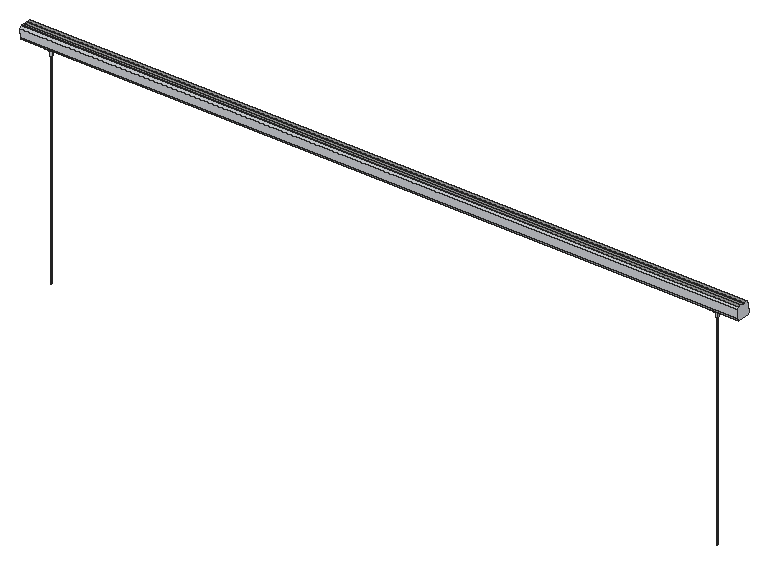
Revit family "0042557 Sylvania Lighting Fixture ISOLINE 3380MM 4K 1-7 MD UGR 1-7BLK DA", category Lighting Fixtures, host Face, Revit 2018
Family settings
  Host = Face
  Round Connector Dimension = Use Diameter
  Part Type = Normal
  OmniClass Number = 23.80.70.00
  OmniClass Title = Lighting
  Cut with Voids When Loaded = No
  Light Source = Yes
  Shared = No
  Room Calculation Point = No
Parameters (values of type "0042557 ISOLINE 3380MM 4K 1.7 MD UGR 1.7BLK DA")
  suspension height = 1000 mm
  spacer height = 5 mm
  spacer centres = 1000 mm
  height = 58.791 mm
  Width = 62 mm
  Weight = "n/a"
  Wattage Comments = ""
  Wattage = 9.2903 W
  WarrantyStartDate [instance] = "n/a"
  WarrantyGuarantorParts = "n/a"
  WarrantyDurationUnit = "n/a"
  WarrantyDurationParts = ""
  WarrantyDescription = "http://www.sylvania-lighting.com"
  built-in parameter 1150110 = 1 (stored number, unit not read)
  Voltage = 0 V
  URL = "0"
  TypeName = "ISOLINE 3380MM 4K 1.7 MD UGR 1.7BLK DA"
  Type Image = <None>
  Type Comments = "n/a"
  built-in parameter 1114217 = 1 (stored number, unit not read)
  Tilt Angle = 90.00°
  built-in parameter 1150109 = 1 (stored number, unit not read)
  built-in parameter 1150134 = 3
  built-in parameter 1150113 = 1 (stored number, unit not read)
  SerialNumber [instance] = "n/a"
  Photometric Web File = "0042557.ies"
  Material_3_FEILO = none
  PowerFactor = 0
  PowerConsumption = "Lighting"
  NominalLength = 62 mm
  NominalHeight = 0 mm
  NominalDepth = 0 mm
  Name = "ISOLINE 3380MM 4K 1.7 MD UGR 1.7BLK DA"
  ModelReference = Name  # "ISOLINE 3380MM 4K 1.7 MD UGR 1.7BLK DA"
  ModelNumber = "0042557"
  Model = Name  # "ISOLINE 3380MM 4K 1.7 MD UGR 1.7BLK DA"
  Material = "Feilo Sylvania"
  ManufacturerName = "157 lm/W"
  Manufacturer = ""
  LuminousEfficacy = ""
  built-in parameter 1150105 = 109.82 (stored number, unit not read)
  Lumens = 1380 lm
  LuminaireType = "0"
  built-in parameter 1150115 = 1 (stored number, unit not read)
  LightOutputRatio = "LED"
  built-in parameter 1150137 = (empty or 0)
  built-in parameter 1150139 = (empty or 0)
  Length = 3380 mm
  LampsType = Lamp  # "n/a"
  LampNominalLuminous = "4000 K"
  LampMacAdamStep = "80"
  LampColourTemperature = "LED"
  LampColourRenderingIndex = "16500"
  built-in parameter 1150112 = 1 (stored number, unit not read)
  built-in parameter 1150114 = 1 (stored number, unit not read)
  Lamp = "n/a"
  Keynote = "n/a"
  InstallationDate [instance] = "n/a"
  InputVoltage = "0"
  InputNominalFrequency = "4000"
  built-in parameter 1150132 = (empty or 0)
  built-in parameter 1150102 = (empty or 0)
  built-in parameter 1150107 = 3200 (stored number, unit not read)
  built-in parameter 1150138 = (empty or 0)
  IngressProtection = "IfcLightFixtureType"
  ImpactProtectionIndex = "IfcLightFixtureType"
  built-in parameter 1150106 = 1.0982 (stored number, unit not read)
  IfcExportType = "IfcLightFixtureType"
  IfcExportAs = "Class I"
  Height = 1000 mm
  ExpectedLife = 50000
  Emit from Circle Diameter = 609.6 mm
  Emit Shape Visible in Rendering = no
  ElectricShockClassification = "157"
  built-in parameter 1150104 = 13.8 (stored number, unit not read)
  DurationUnit = "hours"
  DocumentationLiterature = "http://www.sylvania-lighting.com/product/en-int/products/0042557"
  DimmingControlOptions = "n/a"
  Material_2_FEILO = none
  Dimming Lamp Color Temperature Shift = <None>
  Description = ""
  Default Elevation = 1219.2 mm
  CreatedOn = "04/03/2021"
  CreatedBy = "@sylvania-lighting.com"
  Cost = 0
  Color Filter = 16777215
  built-in parameter 1114216 [instance] = (empty or 0)
  ClassificationValue = "EF_70_80"
  ClassificationName = "Uniclass2015"
  Material_1_FEILO = none
  BarCode [instance] = "n/a"
  built-in parameter 1114218 = 1 (stored number, unit not read)
  built-in parameter 1150133 = 10 (stored number, unit not read)
  AssetType = "Fixed"
  AssetIdentifier [instance] = "n/a"
  Assembly Code = "D5020200"
  Apparent Load = 56 VA
  Material_4_FEILO = none
Reference planes
  plane 1 "Center (Front/Back)": y = 0
  plane 2: z = 0
  plane 3 "Center (Left/Right)": x = 0
  plane 4: z = 0
  plane 5: z = 1000
  plane 6: y = 31
  plane 7: y = -31
  plane 8: x = -1690
  plane 9: x = 1690
  plane 10: x = -37.307
  plane 11: x = 55
  plane 12: z = 1058.791
  plane 13: z = 51
  plane 14: y = -27
  plane 15: y = 27
  plane 16: z = 12
  plane 17: y = -24.969
  plane 18: y = 25
  plane 19: y = 12
  plane 20: y = -12
  plane 21: z = 1.634
  plane 22: y = -8
  plane 23: y = 8
  plane 24: x = -1580
  plane 25: x = -1555
  plane 26: x = 1580
  plane 27: x = 1555
  plane 28: z = 995
  plane 29: y = 26.98
  plane 30: y = 16.98
  plane 31: y = -27.027
  plane 32: y = -17.004
  plane 33: z = 996.5
  plane 34: y = 26.002
  plane 35: y = -26.027
  plane 36: through (-1580, 7.965, 1219.2) normal (0.5391, 0.8423, 0)
  plane 37: through (-1555, 7.965, 1219.2) normal (0.5391, -0.8423, 0)
  plane 38: through (1555, 7.965, 1219.2) normal (0.5391, 0.8423, 0)
  plane 39: through (1580, 8, 1219.2) normal (0.5399, -0.8417, 0)
  plane 40: z = 1058.003
  plane 41: z = 1056.819
  plane 42: x = 845
Forms (mm)
  Extrusion 1, solid, detail levels medium+fine
    sketch origin (-1690, -1523.717, -160.594) x (0, -1, -0.000261) y (0, 0.000261, -1)
      loop
        line (-1493, -1168.2) -> (-1497, -1160.2) -> (-1551, -1160.2) -> (-1555, -1168.2) -> (-1555, -1207.2) -> (-1549.109, -1218.982) -> (-1535.466, -1218.982) -> (-1532, -1217.566) -> (-1516, -1217.566) -> (-1512.511, -1218.991) -> (-1498.896, -1218.991) -> (-1493, -1207.2) -> (-1493, -1168.2)
    from 0 to 3380
  Extrusion 2, solid
    sketch origin (1555, 1524, 1219.189) x (0, 1, 0) y (0, 0, 1)
      loop
        line (-1497.021, -219.189) -> (-1498.02, -219.189) -> (-1507.02, -223.699) -> (-1541.004, -223.699) -> (-1550.017, -219.203) -> (-1551.02, -219.203) -> (-1541.004, -224.2) -> (-1507.02, -224.2) -> (-1497.021, -219.189)
    from 0 to 25
  Extrusion 3, solid
    sketch origin (-1580, 1524, 1219.189) x (0, 1, 0) y (0, 0, 1)
      loop
        line (-1497.021, -219.189) -> (-1498.02, -219.189) -> (-1507.02, -223.699) -> (-1541.004, -223.699) -> (-1550.017, -219.203) -> (-1551.02, -219.203) -> (-1541.004, -224.2) -> (-1507.02, -224.2) -> (-1497.021, -219.189)
    from 0 to 25
  Extrusion 4, solid
    sketch origin (4.2, 0, 0) x (1, 0, 0) y (0, 1, 0)
      loop
        circle (-1571.7, -0.035) r 5
    from 962.277 to 995
  Extrusion 5, solid
    sketch origin (3139.062, 0.065, 0) x (1, 0, 0) y (0, 1, 0)
      loop
        circle (-1571.7, -0.035) r 5
    from 962.277 to 995
  Extrusion 6, solid
    sketch origin (4.2, 0, 0) x (1, 0, 0) y (0, 1, 0)
      loop
        circle (-1571.7, -0.035) r 1.5
    from 0 to 962.277
  Extrusion 7, solid
    sketch origin (3139.076, 0.033, 0) x (1, 0, 0) y (0, 1, 0)
      loop
        circle (-1571.7, -0.035) r 1.5
    from 0 to 977.512
  Extrusion 8, solid, material "Glass, White, High Luminance", detail levels fine
    sketch origin (319, 1524, 1219.2) x (0, 1, 0) y (0, 0, 1)
      loop
        line (-1498.926, -160.099) -> (-1512.703, -160.099) -> (-1516.213, -161.534) -> (-1531.9, -161.534) -> (-1535.47, -160.114) -> (-1549.12, -160.114) -> (-1549.12, -161.197) -> (-1535.782, -161.197) -> (-1532.805, -162.381) -> (-1515.468, -162.381) -> (-1512.929, -161.197) -> (-1498.926, -161.197) -> (-1498.926, -160.099)
    from -2009 to 1371
  Extrusion 9, solid, detail levels coarse
    sketch origin (319, 1524, 1219.2) x (0, 1, 0) y (0, 0, 1)
      loop
        line (-1493, -160.052) -> (-1555, -160.052) -> (-1555, -1219.2) -> (-1493, -1219.2) -> (-1493, -160.052)
    from -2009 to 1371
Dimensions and locks
  "Width": plane 6 to plane 7
  equal spacing: plane 6, plane 1 "Center (Front/Back)", plane 7
  "Length": plane 8 to plane 9
  equal spacing: plane 8, plane 3 "Center (Left/Right)", plane 9
  "height": plane 12 to plane 5
  "suspension height": plane 5 to level
  aligned and locked: host face to plane 2
  aligned and locked: host face to level
Automatic sketch dimensions
  host sketch curve to host sketch curve = 3582.803 mm
  host sketch curve to host sketch curve = 2438.4 mm
  Extrusion 1 sketch curve to plane 29 = 0 mm
  Extrusion 1 sketch curve to plane 6 = 0.033 mm
  Extrusion 1 sketch curve to plane 12 = 11.778 mm
  Extrusion 1 sketch curve to Extrusion 1 sketch curve = 4 mm  (x2)
  Extrusion 1 sketch curve to Extrusion 1 sketch curve = 5.891 mm
  Extrusion 1 sketch curve to Extrusion 1 sketch curve = 13.643 mm
  Extrusion 1 sketch curve to Extrusion 1 sketch curve = 3.466 mm
  Extrusion 1 sketch curve to Extrusion 1 sketch curve = 16 mm
  Extrusion 1 sketch curve to Extrusion 1 sketch curve = 3.489 mm
  Extrusion 1 sketch curve to Extrusion 1 sketch curve = 13.615 mm
  Extrusion 1 sketch curve to Extrusion 1 sketch curve = 54 mm
  Extrusion 1 sketch curve to Extrusion 1 sketch curve = 47 mm
  Extrusion 1 sketch curve to Extrusion 1 sketch curve = 10.366 mm
  Extrusion 1 sketch curve to Extrusion 1 sketch curve = 1.425 mm
  Extrusion 1 sketch curve to Extrusion 1 sketch curve = 11.782 mm
  Extrusion 1 sketch curve to Extrusion 1 sketch curve = 8 mm  (x2)
  Extrusion 2 sketch curve to plane 32 = 0 mm  (x2)
  Extrusion 2 sketch curve to plane 30 = 0 mm  (x2)
  Extrusion 2 sketch curve to plane 5 = 0 mm
  Extrusion 2 sketch curve to plane 35 = 0.01 mm
  Extrusion 2 sketch curve to plane 31 = 0.007 mm
  plane 34 to Extrusion 2 sketch curve = 0.022 mm
  plane 29 to Extrusion 2 sketch curve = 0.001 mm
  Extrusion 2 sketch curve to plane 5 = 0.014 mm
  plane 28 to Extrusion 2 sketch curve = 0.489 mm
  Extrusion 2 sketch curve to plane 28 = 0.011 mm
  Extrusion 3 sketch curve to plane 32 = 0 mm  (x2)
  Extrusion 3 sketch curve to plane 30 = 0 mm  (x2)
  Extrusion 3 sketch curve to plane 5 = 0 mm
  Extrusion 3 sketch curve to plane 35 = 0.01 mm
  Extrusion 3 sketch curve to plane 31 = 0.007 mm
  plane 34 to Extrusion 3 sketch curve = 0.022 mm
  plane 29 to Extrusion 3 sketch curve = 0.001 mm
  Extrusion 3 sketch curve to plane 5 = 0.014 mm
  plane 28 to Extrusion 3 sketch curve = 0.489 mm
  Extrusion 3 sketch curve to plane 28 = 0.011 mm
  Extrusion 4 sketch curve to plane 36 = 0 mm
  plane 37 to Extrusion 4 sketch curve = 0 mm
  Extrusion 5 sketch curve to plane 1 "Center (Front/Back)" = 0.029 mm
  plane 27 to Extrusion 5 sketch curve = 12.362 mm
  Extrusion 6 sketch curve to plane 36 = 0 mm
  plane 37 to Extrusion 6 sketch curve = 0 mm
  plane 1 "Center (Front/Back)" to Extrusion 7 sketch curve = 0.002 mm
  plane 27 to Extrusion 7 sketch curve = 12.376 mm
  Extrusion 8 sketch curve to plane 40 = 0 mm  (x2)
  Extrusion 8 sketch curve to plane 41 = 0 mm
  plane 17 to Extrusion 8 sketch curve = 0.151 mm
  Extrusion 8 sketch curve to plane 20 = 0.218 mm
  plane 12 to Extrusion 8 sketch curve = 0.295 mm
  Extrusion 8 sketch curve to plane 20 = 0.53 mm
  plane 22 to Extrusion 8 sketch curve = 0.805 mm
  Extrusion 8 sketch curve to plane 22 = 0.1 mm
  plane 23 to Extrusion 8 sketch curve = 0.213 mm
  Extrusion 8 sketch curve to plane 23 = 0.532 mm
  plane 19 to Extrusion 8 sketch curve = 0.929 mm
  Extrusion 8 sketch curve to plane 18 = 0.074 mm
  plane 41 to Extrusion 8 sketch curve = 0.848 mm
  plane 19 to Extrusion 8 sketch curve = 0.703 mm
  plane 12 to Extrusion 8 sketch curve = 0.31 mm
  Extrusion 9 sketch curve to plane 7 = 0 mm
  Extrusion 9 sketch curve to plane 6 = 0 mm
  Extrusion 9 sketch curve to plane 33 = 996.5 mm
  plane 12 to Extrusion 9 sketch curve = 0.357 mm
  radius of Extrusion 4 sketch curve = 5 mm
  radius of Extrusion 5 sketch curve = 5 mm
  radius of Extrusion 6 sketch curve = 1.5 mm
  radius of Extrusion 7 sketch curve = 1.5 mm
Connectors
  electrical at (0, -0.02, 1000.004)
    settings: on Extrusion 1, index 1, voltage 0 V, apparent load 0 VA, apparent load phase1 0 VA, apparent load phase2 0 VA, apparent load phase3 0 VA, power factor 1, load classification "Other", number of poles 1, system type 31, power factor state 1, is connector primary yes, connector utility no, sub classification motor no, connector description ""
